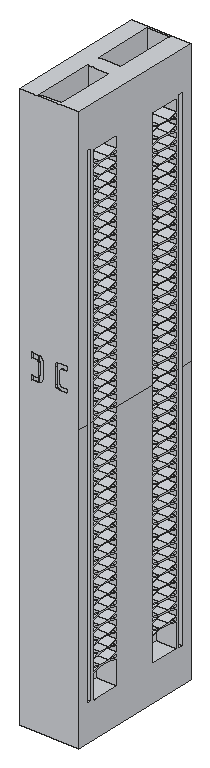
Revit family
Parameters
  Material ID = "760089409"
  Description = "Vertical Cable Management Kit, 10in X 96in (254mm X 2438mm) Double Sided, With Doors, Black\r\nical Cable Management Kit, 6in X 84in (152mm X 2134mm) Single Sided, With Door, Black\r\nVertical Cable Management Kit, 6in X 84in (152mm X 2134mm) Single Sided, With Door, Black\r\nVERTICAL CABLE MANAGEMENT KIT, 6IN X 84IN(152MM X 2134MM) SINGLE SIDED, WITH DOOR, BLACK"
Reference planes (in)
  plane 1 "Center (Front/Back)": y = 0
  plane 2: z = 0
  plane 3 "Center (Left/Right)": x = 0
Forms (in)
  Extrusion 1, void, not visible
    sketch origin (0, 0, 0) x (1, 0, 0) y (0, 0, 1)
      loop
        line (-7.85662, 0.48089) -> (-7.85662, -0.39002) -> (-7.67285, -0.39002) -> (-7.67285, -0.64002) -> (-7.0736, -0.64002) -> (-7.0736, -0.39002) -> (-6.92978, -0.39002) -> (-6.92978, 0.48089) -> (-7.85662, 0.48089)
    from -3.79215 to 12
  Extrusion 2, void, not visible
    sketch origin (0, 0, 0) x (1, 0, 0) y (0, 0, 1)
      loop
        line (-8.21397, 0.42583) -> (-8.21397, -0.07417) -> (-8.08657, -0.07417) -> (-8.08657, -0.27417) -> (-7.83657, -0.27417) -> (-7.83657, -0.07417) -> (-7.72497, -0.07417) -> (-7.72497, 0.42583) -> (-8.21397, 0.42583)
    from 0.74059 to 3.34334
  Extrusion 3, solid
    sketch origin (0, 0, 0) x (1, 0, 0) y (0, 0, 1)
      loop
        line (5, 48) -> (-5, 48) -> (-5, -48) -> (5, -48) -> (5, 0) -> (5, 48)
    from 11.281 to -12.189
  Extrusion 4, void
    sketch origin (0, 0, 0) x (1, 0, 0) y (0, 0, 1)
      loop
        line (-3, 9.00056) -> (-3, 8.06684) -> (-2.1, 8.06684)
        arc (-2.1, 8.06684) -> (-1.88787, 7.97898) -> (-1.8, 7.76684) r 0.3
        line (-1.8, 7.76684) -> (-1.8, 5.85056)
        arc (-1.8, 5.85056) -> (-1.88787, 5.63843) -> (-2.1, 5.55056) r 0.3
        line (-2.1, 5.55056) -> (-3, 5.55056) -> (-3, 4.75056) -> (-1.8, 4.75056)
        arc (-1.8, 4.75056) -> (-1.23431, 4.98488) -> (-1, 5.55056) r 0.8
        line (-1, 5.55056) -> (-1, 8.20056)
        arc (-1, 8.20056) -> (-1.23431, 8.76625) -> (-1.8, 9.00056) r 0.8
        line (-1.8, 9.00056) -> (-3, 9.00056)
      loop
        line (3, 9.00056) -> (1.8, 9.00056)
        arc (1.8, 9.00056) -> (1.23431, 8.76625) -> (1, 8.20056) r 0.8
        line (1, 8.20056) -> (1, 5.55056)
        arc (1, 5.55056) -> (1.23431, 4.98488) -> (1.8, 4.75056) r 0.8
        line (1.8, 4.75056) -> (3, 4.75056) -> (3, 5.55056) -> (2.1, 5.55056)
        arc (2.1, 5.55056) -> (1.88787, 5.63843) -> (1.8, 5.85056) r 0.3
        line (1.8, 5.85056) -> (1.8, 7.76684)
        arc (1.8, 7.76684) -> (1.88787, 7.97898) -> (2.1, 8.06684) r 0.3
        line (2.1, 8.06684) -> (3, 8.06684) -> (3, 9.00056)
    from 11.08569 to 11.281
  Extrusion 5, void
    sketch origin (0, 0, 0) x (1, 0, 0) y (0, 1, 0)
      loop
        line (1.70983, -0.6615) -> (-2.04017, -0.6615) -> (-2.04017, -10.9115) -> (1.70983, -10.9115) -> (1.70983, -0.6615)
      loop
        line (1.70983, 1.5695) -> (1.70983, 11.8195) -> (-2.04017, 11.8195) -> (-2.04017, 1.5695) -> (1.70983, 1.5695)
    from -58.88014 to 54.97812
  Extrusion 6, void
    sketch origin (0, 0, 0) x (0, 1, 0) y (0, 0, 1)
      loop
        line (-3.37841, 39.06909) -> (-3.37841, 41.06909) -> (-8.50915, 41.06909) -> (-8.50915, 39.06909) -> (-6.81878, 38.61615) -> (-5.06878, 38.61615) -> (-3.37841, 39.06909)
      loop
        line (-3.37841, 38.06909) -> (-5.06878, 38.52202) -> (-6.81878, 38.52202) -> (-8.50915, 38.06909) -> (-8.50915, 37.81909) -> (-8.50915, 37.06909) -> (-6.81878, 36.61615) -> (-5.06878, 36.61615) -> (-3.37841, 37.06909) -> (-3.37841, 37.81909) -> (-3.37841, 38.06909)
      loop
        line (-3.37841, 39.00985) -> (-4.9864, 38.57899) -> (-3.37841, 38.14813) -> (-3.37841, 39.00985)
      loop
        line (-8.50915, 39.00985) -> (-8.50915, 38.14813) -> (-6.90115, 38.57899) -> (-8.50915, 39.00985)
      loop
        line (-3.37841, 36.06909) -> (-5.06878, 36.52202) -> (-6.81878, 36.52202) -> (-8.50915, 36.06909) -> (-8.50915, 35.06909) -> (-6.81878, 34.61615) -> (-5.06878, 34.61615) -> (-3.37841, 35.06909) -> (-3.37841, 36.06909)
      loop
        line (-3.37841, 37.00985) -> (-4.9864, 36.57899) -> (-3.37841, 36.14813) -> (-3.37841, 37.00985)
      loop
        line (-8.50915, 37.00985) -> (-8.50915, 36.14813) -> (-6.90115, 36.57899) -> (-8.50915, 37.00985)
      loop
        line (-3.37841, 34.06909) -> (-5.06878, 34.52202) -> (-6.81878, 34.52202) -> (-8.50915, 34.06909) -> (-8.50915, 33.06909) -> (-6.81878, 32.61615) -> (-5.06878, 32.61615) -> (-3.37841, 33.06909) -> (-3.37841, 34.06909)
      loop
        line (-3.37841, 35.00985) -> (-4.9864, 34.57899) -> (-3.37841, 34.14813) -> (-3.37841, 35.00985)
      loop
        line (-8.50915, 35.00985) -> (-8.50915, 34.14813) -> (-6.90115, 34.57899) -> (-8.50915, 35.00985)
      loop
        line (-3.37841, 32.06909) -> (-5.06878, 32.52202) -> (-6.81878, 32.52202) -> (-8.50915, 32.06909) -> (-8.50915, 31.06909) -> (-6.81878, 30.61615) -> (-5.06878, 30.61615) -> (-3.37841, 31.06909) -> (-3.37841, 32.06909)
      loop
        line (-3.37841, 33.00985) -> (-4.9864, 32.57899) -> (-3.37841, 32.14813) -> (-3.37841, 33.00985)
      loop
        line (-8.50915, 33.00985) -> (-8.50915, 32.14813) -> (-6.90115, 32.57899) -> (-8.50915, 33.00985)
      loop
        line (-3.37841, 30.06909) -> (-5.06878, 30.52202) -> (-6.81878, 30.52202) -> (-8.50915, 30.06909) -> (-8.50915, 29.06909) -> (-6.81878, 28.61615) -> (-5.06878, 28.61615) -> (-3.37841, 29.06909) -> (-3.37841, 30.06909)
      loop
        line (-3.37841, 31.00985) -> (-4.9864, 30.57899) -> (-3.37841, 30.14813) -> (-3.37841, 31.00985)
      loop
        line (-8.50915, 31.00985) -> (-8.50915, 30.14813) -> (-6.90115, 30.57899) -> (-8.50915, 31.00985)
      loop
        line (-3.37841, 28.06909) -> (-5.06878, 28.52202) -> (-6.81878, 28.52202) -> (-8.50915, 28.06909) -> (-8.50915, 27.06909) -> (-6.81878, 26.61615) -> (-5.06878, 26.61615) -> (-3.37841, 27.06909) -> (-3.37841, 28.06909)
      loop
        line (-3.37841, 29.00985) -> (-4.9864, 28.57899) -> (-3.37841, 28.14813) -> (-3.37841, 29.00985)
      loop
        line (-8.50915, 29.00985) -> (-8.50915, 28.14813) -> (-6.90115, 28.57899) -> (-8.50915, 29.00985)
      loop
        line (-3.37841, 26.06909) -> (-5.06878, 26.52202) -> (-6.81878, 26.52202) -> (-8.50915, 26.06909) -> (-8.50915, 25.06909) -> (-6.81878, 24.61615) -> (-5.06878, 24.61615) -> (-3.37841, 25.06909) -> (-3.37841, 26.06909)
      loop
        line (-3.37841, 27.00985) -> (-4.9864, 26.57899) -> (-3.37841, 26.14813) -> (-3.37841, 27.00985)
      loop
        line (-8.50915, 27.00985) -> (-8.50915, 26.14813) -> (-6.90115, 26.57899) -> (-8.50915, 27.00985)
      loop
        line (-3.37841, 24.06909) -> (-5.06878, 24.52202) -> (-6.81878, 24.52202) -> (-8.50915, 24.06909) -> (-8.50915, 23.06909) -> (-6.81878, 22.61615) -> (-5.06878, 22.61615) -> (-3.37841, 23.06909) -> (-3.37841, 24.06909)
      loop
        line (-3.37841, 25.00985) -> (-4.9864, 24.57899) -> (-3.37841, 24.14813) -> (-3.37841, 25.00985)
      loop
        line (-8.50915, 25.00985) -> (-8.50915, 24.14813) -> (-6.90115, 24.57899) -> (-8.50915, 25.00985)
      loop
        line (-3.37841, 22.06909) -> (-5.06878, 22.52202) -> (-6.81878, 22.52202) -> (-8.50915, 22.06909) -> (-8.50915, 21.06909) -> (-6.81878, 20.61615) -> (-5.06878, 20.61615) -> (-3.37841, 21.06909) -> (-3.37841, 22.06909)
      loop
        line (-3.37841, 23.00985) -> (-4.9864, 22.57899) -> (-3.37841, 22.14813) -> (-3.37841, 23.00985)
      loop
        line (-8.50915, 23.00985) -> (-8.50915, 22.14813) -> (-6.90115, 22.57899) -> (-8.50915, 23.00985)
      loop
        line (-3.37841, 20.06909) -> (-5.06878, 20.52202) -> (-6.81878, 20.52202) -> (-8.50915, 20.06909) -> (-8.50915, 19.06909) -> (-6.81878, 18.61615) -> (-5.06878, 18.61615) -> (-3.37841, 19.06909) -> (-3.37841, 20.06909)
      loop
        line (-3.37841, 21.00985) -> (-4.9864, 20.57899) -> (-3.37841, 20.14813) -> (-3.37841, 21.00985)
      loop
        line (-8.50915, 21.00985) -> (-8.50915, 20.14813) -> (-6.90115, 20.57899) -> (-8.50915, 21.00985)
      loop
        line (-3.37841, 18.06909) -> (-5.06878, 18.52202) -> (-6.81878, 18.52202) -> (-8.50915, 18.06909) -> (-8.50915, 17.06909) -> (-6.81878, 16.61615) -> (-5.06878, 16.61615) -> (-3.37841, 17.06909) -> (-3.37841, 18.06909)
      loop
        line (-3.37841, 19.00985) -> (-4.9864, 18.57899) -> (-3.37841, 18.14813) -> (-3.37841, 19.00985)
      loop
        line (-8.50915, 19.00985) -> (-8.50915, 18.14813) -> (-6.90115, 18.57899) -> (-8.50915, 19.00985)
      loop
        line (-3.37841, 16.06909) -> (-5.06878, 16.52202) -> (-6.81878, 16.52202) -> (-8.50915, 16.06909) -> (-8.50915, 15.06909) -> (-6.81878, 14.61615) -> (-5.06878, 14.61615) -> (-3.37841, 15.06909) -> (-3.37841, 16.06909)
      loop
        line (-3.37841, 17.00985) -> (-4.9864, 16.57899) -> (-3.37841, 16.14813) -> (-3.37841, 17.00985)
      loop
        line (-8.50915, 17.00985) -> (-8.50915, 16.14813) -> (-6.90115, 16.57899) -> (-8.50915, 17.00985)
      loop
        line (-3.37841, 14.06909) -> (-5.06878, 14.52202) -> (-6.81878, 14.52202) -> (-8.50915, 14.06909) -> (-8.50915, 13.06909) -> (-6.81878, 12.61615) -> (-5.06878, 12.61615) -> (-3.37841, 13.06909) -> (-3.37841, 14.06909)
      loop
        line (-3.37841, 15.00985) -> (-4.9864, 14.57899) -> (-3.37841, 14.14813) -> (-3.37841, 15.00985)
      loop
        line (-8.50915, 15.00985) -> (-8.50915, 14.14813) -> (-6.90115, 14.57899) -> (-8.50915, 15.00985)
      loop
        line (-3.37841, 12.06909) -> (-5.06878, 12.52202) -> (-6.81878, 12.52202) -> (-8.50915, 12.06909) -> (-8.50915, 11.06909) -> (-6.81878, 10.61615) -> (-5.06878, 10.61615) -> (-3.37841, 11.06909) -> (-3.37841, 12.06909)
      loop
        line (-3.37841, 13.00985) -> (-4.9864, 12.57899) -> (-3.37841, 12.14813) -> (-3.37841, 13.00985)
      loop
        line (-8.50915, 13.00985) -> (-8.50915, 12.14813) -> (-6.90115, 12.57899) -> (-8.50915, 13.00985)
      loop
        line (-3.37841, 10.06909) -> (-5.06878, 10.52202) -> (-6.81878, 10.52202) -> (-8.50915, 10.06909) -> (-8.50915, 9.06909) -> (-6.81878, 8.61615) -> (-5.06878, 8.61615) -> (-3.37841, 9.06909) -> (-3.37841, 10.06909)
      loop
        line (-3.37841, 11.00985) -> (-4.9864, 10.57899) -> (-3.37841, 10.14813) -> (-3.37841, 11.00985)
      loop
        line (-8.50915, 11.00985) -> (-8.50915, 10.14813) -> (-6.90115, 10.57899) -> (-8.50915, 11.00985)
      loop
        line (-3.37841, 8.06909) -> (-5.06878, 8.52202) -> (-6.81878, 8.52202) -> (-8.50915, 8.06909) -> (-8.50915, 7.06909) -> (-6.81878, 6.61615) -> (-5.06878, 6.61615) -> (-3.37841, 7.06909) -> (-3.37841, 8.06909)
      loop
        line (-3.37841, 9.00985) -> (-4.9864, 8.57899) -> (-3.37841, 8.14813) -> (-3.37841, 9.00985)
      loop
        line (-8.50915, 9.00985) -> (-8.50915, 8.14813) -> (-6.90115, 8.57899) -> (-8.50915, 9.00985)
      loop
        line (-3.37841, 6.06909) -> (-5.06878, 6.52202) -> (-6.81878, 6.52202) -> (-8.50915, 6.06909) -> (-8.50915, 5.06909) -> (-6.81878, 4.61615) -> (-5.06878, 4.61615) -> (-3.37841, 5.06909) -> (-3.37841, 6.06909)
      loop
        line (-3.37841, 7.00985) -> (-4.9864, 6.57899) -> (-3.37841, 6.14813) -> (-3.37841, 7.00985)
      loop
        line (-8.50915, 7.00985) -> (-8.50915, 6.14813) -> (-6.90115, 6.57899) -> (-8.50915, 7.00985)
      loop
        line (-3.37841, 4.06909) -> (-5.06878, 4.52202) -> (-6.81878, 4.52202) -> (-8.50915, 4.06909) -> (-8.50915, 3.06909) -> (-6.81878, 2.61615) -> (-5.06878, 2.61615) -> (-3.37841, 3.06909) -> (-3.37841, 4.06909)
      loop
        line (-3.37841, 5.00985) -> (-4.9864, 4.57899) -> (-3.37841, 4.14813) -> (-3.37841, 5.00985)
      loop
        line (-8.50915, 5.00985) -> (-8.50915, 4.14813) -> (-6.90115, 4.57899) -> (-8.50915, 5.00985)
      loop
        line (-3.37841, 2.06909) -> (-5.06878, 2.52202) -> (-6.81878, 2.52202) -> (-8.50915, 2.06909) -> (-8.50915, 1.06909) -> (-6.81878, 0.61615) -> (-5.06878, 0.61615) -> (-3.37841, 1.06909) -> (-3.37841, 2.06909)
      loop
        line (-3.37841, 3.00985) -> (-4.9864, 2.57899) -> (-3.37841, 2.14813) -> (-3.37841, 3.00985)
      loop
        line (-8.50915, 3.00985) -> (-8.50915, 2.14813) -> (-6.90115, 2.57899) -> (-8.50915, 3.00985)
      loop
        line (-3.37841, 0.06909) -> (-5.06878, 0.52202) -> (-6.81878, 0.52202) -> (-8.50915, 0.06909) -> (-8.50915, -0.93091) -> (-6.81878, -1.38385) -> (-5.06878, -1.38385) -> (-3.37841, -0.93091) -> (-3.37841, 0.06909)
      loop
        line (-3.37841, 1.00985) -> (-4.9864, 0.57899) -> (-3.37841, 0.14813) -> (-3.37841, 1.00985)
      loop
        line (-8.50915, 1.00985) -> (-8.50915, 0.14813) -> (-6.90115, 0.57899) -> (-8.50915, 1.00985)
      loop
        line (-3.37841, -1.93091) -> (-5.06878, -1.47798) -> (-6.81878, -1.47798) -> (-8.50915, -1.93091) -> (-8.50915, -2.93091) -> (-6.81878, -3.38385) -> (-5.06878, -3.38385) -> (-3.37841, -2.93091) -> (-3.37841, -1.93091)
      loop
        line (-3.37841, -0.99015) -> (-4.9864, -1.42101) -> (-3.37841, -1.85187) -> (-3.37841, -0.99015)
      loop
        line (-8.50915, -0.99015) -> (-8.50915, -1.85187) -> (-6.90115, -1.42101) -> (-8.50915, -0.99015)
      loop
        line (-3.37841, -3.93091) -> (-5.06878, -3.47798) -> (-6.81878, -3.47798) -> (-8.50915, -3.93091) -> (-8.50915, -4.93091) -> (-6.81878, -5.38385) -> (-5.06878, -5.38385) -> (-3.37841, -4.93091) -> (-3.37841, -3.93091)
      loop
        line (-3.37841, -2.99015) -> (-4.9864, -3.42101) -> (-3.37841, -3.85187) -> (-3.37841, -2.99015)
      loop
        line (-8.50915, -2.99015) -> (-8.50915, -3.85187) -> (-6.90115, -3.42101) -> (-8.50915, -2.99015)
      loop
        line (-3.37841, -5.93091) -> (-5.06878, -5.47798) -> (-6.81878, -5.47798) -> (-8.50915, -5.93091) -> (-8.50915, -6.93091) -> (-6.81878, -7.38385) -> (-5.06878, -7.38385) -> (-3.37841, -6.93091) -> (-3.37841, -5.93091)
      loop
        line (-3.37841, -4.99015) -> (-4.9864, -5.42101) -> (-3.37841, -5.85187) -> (-3.37841, -4.99015)
      loop
        line (-8.50915, -4.99015) -> (-8.50915, -5.85187) -> (-6.90115, -5.42101) -> (-8.50915, -4.99015)
      loop
        line (-3.37841, -7.93091) -> (-5.06878, -7.47798) -> (-6.81878, -7.47798) -> (-8.50915, -7.93091) -> (-8.50915, -8.93091) -> (-6.81878, -9.38385) -> (-5.06878, -9.38385) -> (-3.37841, -8.93091) -> (-3.37841, -7.93091)
      loop
        line (-3.37841, -6.99015) -> (-4.9864, -7.42101) -> (-3.37841, -7.85187) -> (-3.37841, -6.99015)
      loop
        line (-8.50915, -6.99015) -> (-8.50915, -7.85187) -> (-6.90115, -7.42101) -> (-8.50915, -6.99015)
      loop
        line (-3.37841, -9.93091) -> (-5.06878, -9.47798) -> (-6.81878, -9.47798) -> (-8.50915, -9.93091) -> (-8.50915, -10.93091) -> (-6.81878, -11.38385) -> (-5.06878, -11.38385) -> (-3.37841, -10.93091) -> (-3.37841, -9.93091)
      loop
        line (-3.37841, -8.99015) -> (-4.9864, -9.42101) -> (-3.37841, -9.85187) -> (-3.37841, -8.99015)
      loop
        line (-8.50915, -8.99015) -> (-8.50915, -9.85187) -> (-6.90115, -9.42101) -> (-8.50915, -8.99015)
      loop
        line (-3.37841, -11.93091) -> (-5.06878, -11.47798) -> (-6.81878, -11.47798) -> (-8.50915, -11.93091) -> (-8.50915, -12.93091) -> (-6.81878, -13.38385) -> (-5.06878, -13.38385) -> (-3.37841, -12.93091) -> (-3.37841, -11.93091)
      loop
        line (-3.37841, -10.99015) -> (-4.9864, -11.42101) -> (-3.37841, -11.85187) -> (-3.37841, -10.99015)
      loop
        line (-8.50915, -10.99015) -> (-8.50915, -11.85187) -> (-6.90115, -11.42101) -> (-8.50915, -10.99015)
      loop
        line (-3.37841, -13.93091) -> (-5.06878, -13.47798) -> (-6.81878, -13.47798) -> (-8.50915, -13.93091) -> (-8.50915, -14.93091) -> (-6.81878, -15.38385) -> (-5.06878, -15.38385) -> (-3.37841, -14.93091) -> (-3.37841, -13.93091)
      loop
        line (-3.37841, -12.99015) -> (-4.9864, -13.42101) -> (-3.37841, -13.85187) -> (-3.37841, -12.99015)
      loop
        line (-8.50915, -12.99015) -> (-8.50915, -13.85187) -> (-6.90115, -13.42101) -> (-8.50915, -12.99015)
      loop
        line (-3.37841, -15.93091) -> (-5.06878, -15.47798) -> (-6.81878, -15.47798) -> (-8.50915, -15.93091) -> (-8.50915, -16.93091) -> (-6.81878, -17.38385) -> (-5.06878, -17.38385) -> (-3.37841, -16.93091) -> (-3.37841, -15.93091)
      loop
        line (-3.37841, -14.99015) -> (-4.9864, -15.42101) -> (-3.37841, -15.85187) -> (-3.37841, -14.99015)
      loop
        line (-8.50915, -14.99015) -> (-8.50915, -15.85187) -> (-6.90115, -15.42101) -> (-8.50915, -14.99015)
      loop
        line (-3.37841, -17.93091) -> (-5.06878, -17.47798) -> (-6.81878, -17.47798) -> (-8.50915, -17.93091) -> (-8.50915, -18.93091) -> (-6.81878, -19.38385) -> (-5.06878, -19.38385) -> (-3.37841, -18.93091) -> (-3.37841, -17.93091)
      loop
        line (-3.37841, -16.99015) -> (-4.9864, -17.42101) -> (-3.37841, -17.85187) -> (-3.37841, -16.99015)
      loop
        line (-8.50915, -16.99015) -> (-8.50915, -17.85187) -> (-6.90115, -17.42101) -> (-8.50915, -16.99015)
      loop
        line (-3.37841, -19.93091) -> (-5.06878, -19.47798) -> (-6.81878, -19.47798) -> (-8.50915, -19.93091) -> (-8.50915, -20.93091) -> (-6.81878, -21.38385) -> (-5.06878, -21.38385) -> (-3.37841, -20.93091) -> (-3.37841, -19.93091)
      loop
        line (-3.37841, -18.99015) -> (-4.9864, -19.42101) -> (-3.37841, -19.85187) -> (-3.37841, -18.99015)
      loop
        line (-8.50915, -18.99015) -> (-8.50915, -19.85187) -> (-6.90115, -19.42101) -> (-8.50915, -18.99015)
      loop
        line (-3.37841, -21.93091) -> (-5.06878, -21.47798) -> (-6.81878, -21.47798) -> (-8.50915, -21.93091) -> (-8.50915, -22.93091) -> (-6.81878, -23.38385) -> (-5.06878, -23.38385) -> (-3.37841, -22.93091) -> (-3.37841, -21.93091)
      loop
        line (-3.37841, -20.99015) -> (-4.9864, -21.42101) -> (-3.37841, -21.85187) -> (-3.37841, -20.99015)
      loop
        line (-8.50915, -20.99015) -> (-8.50915, -21.85187) -> (-6.90115, -21.42101) -> (-8.50915, -20.99015)
      loop
        line (-3.37841, -23.93091) -> (-5.06878, -23.47798) -> (-6.81878, -23.47798) -> (-8.50915, -23.93091) -> (-8.50915, -24.93091) -> (-6.81878, -25.38385) -> (-5.06878, -25.38385) -> (-3.37841, -24.93091) -> (-3.37841, -23.93091)
      loop
        line (-3.37841, -22.99015) -> (-4.9864, -23.42101) -> (-3.37841, -23.85187) -> (-3.37841, -22.99015)
      loop
        line (-8.50915, -22.99015) -> (-8.50915, -23.85187) -> (-6.90115, -23.42101) -> (-8.50915, -22.99015)
      loop
        line (-3.37841, -25.93091) -> (-5.06878, -25.47798) -> (-6.81878, -25.47798) -> (-8.50915, -25.93091) -> (-8.50915, -26.93091) -> (-6.81878, -27.38385) -> (-5.06878, -27.38385) -> (-3.37841, -26.93091) -> (-3.37841, -25.93091)
      loop
        line (-3.37841, -24.99015) -> (-4.9864, -25.42101) -> (-3.37841, -25.85187) -> (-3.37841, -24.99015)
      loop
        line (-8.50915, -24.99015) -> (-8.50915, -25.85187) -> (-6.90115, -25.42101) -> (-8.50915, -24.99015)
      loop
        line (-3.37841, -27.93091) -> (-5.06878, -27.47798) -> (-6.81878, -27.47798) -> (-8.50915, -27.93091) -> (-8.50915, -28.93091) -> (-6.81878, -29.38385) -> (-5.06878, -29.38385) -> (-3.37841, -28.93091) -> (-3.37841, -27.93091)
      loop
        line (-3.37841, -26.99015) -> (-4.9864, -27.42101) -> (-3.37841, -27.85187) -> (-3.37841, -26.99015)
      loop
        line (-8.50915, -26.99015) -> (-8.50915, -27.85187) -> (-6.90115, -27.42101) -> (-8.50915, -26.99015)
      loop
        line (-3.37841, -29.93091) -> (-5.06878, -29.47798) -> (-6.81878, -29.47798) -> (-8.50915, -29.93091) -> (-8.50915, -30.93091) -> (-6.81878, -31.38385) -> (-5.06878, -31.38385) -> (-3.37841, -30.93091) -> (-3.37841, -29.93091)
      loop
        line (-3.37841, -28.99015) -> (-4.9864, -29.42101) -> (-3.37841, -29.85187) -> (-3.37841, -28.99015)
      loop
        line (-8.50915, -28.99015) -> (-8.50915, -29.85187) -> (-6.90115, -29.42101) -> (-8.50915, -28.99015)
      loop
        line (-3.37841, -31.93091) -> (-5.06878, -31.47798) -> (-6.81878, -31.47798) -> (-8.50915, -31.93091) -> (-8.50915, -32.93091) -> (-6.81878, -33.38385) -> (-5.06878, -33.38385) -> (-3.37841, -32.93091) -> (-3.37841, -31.93091)
      loop
        line (-3.37841, -30.99015) -> (-4.9864, -31.42101) -> (-3.37841, -31.85187) -> (-3.37841, -30.99015)
      loop
        line (-8.50915, -30.99015) -> (-8.50915, -31.85187) -> (-6.90115, -31.42101) -> (-8.50915, -30.99015)
      loop
        line (-3.37841, -33.93091) -> (-5.06878, -33.47798) -> (-6.81878, -33.47798) -> (-8.50915, -33.93091) -> (-8.50915, -34.93091) -> (-6.81878, -35.38385) -> (-5.06878, -35.38385) -> (-3.37841, -34.93091) -> (-3.37841, -33.93091)
      loop
        line (-3.37841, -32.99015) -> (-4.9864, -33.42101) -> (-3.37841, -33.85187) -> (-3.37841, -32.99015)
      loop
        line (-8.50915, -32.99015) -> (-8.50915, -33.85187) -> (-6.90115, -33.42101) -> (-8.50915, -32.99015)
      loop
        line (-3.37841, -35.93091) -> (-5.06878, -35.47798) -> (-6.81878, -35.47798) -> (-8.50915, -35.93091) -> (-8.50915, -36.93091) -> (-6.81878, -37.38385) -> (-5.06878, -37.38385) -> (-3.37841, -36.93091) -> (-3.37841, -35.93091)
      loop
        line (-3.37841, -34.99015) -> (-4.9864, -35.42101) -> (-3.37841, -35.85187) -> (-3.37841, -34.99015)
      loop
        line (-8.50915, -34.99015) -> (-8.50915, -35.85187) -> (-6.90115, -35.42101) -> (-8.50915, -34.99015)
      loop
        line (-3.37841, -37.93091) -> (-5.06878, -37.47798) -> (-6.81878, -37.47798) -> (-8.50915, -37.93091) -> (-8.50915, -42) -> (-3.37841, -42) -> (-3.37841, -37.93091)
      loop
        line (-3.37841, -36.99015) -> (-4.9864, -37.42101) -> (-3.37841, -37.85187) -> (-3.37841, -36.99015)
      loop
        line (-8.50915, -36.99015) -> (-8.50915, -37.85187) -> (-6.90115, -37.42101) -> (-8.50915, -36.99015)
      loop
        line (4.05541, 39.06909) -> (5.74578, 38.61615) -> (7.49578, 38.61615) -> (9.18615, 39.06909) -> (9.18615, 41.06909) -> (4.05541, 41.06909) -> (4.05541, 39.06909)
      loop
        line (4.05541, 38.06909) -> (4.05541, 37.81909) -> (4.05541, 37.06909) -> (5.74578, 36.61615) -> (7.49578, 36.61615) -> (9.18615, 37.06909) -> (9.18615, 37.81909) -> (9.18615, 38.06909) -> (7.49578, 38.52202) -> (5.74578, 38.52202) -> (4.05541, 38.06909)
      loop
        line (4.05541, 39.00985) -> (4.05541, 38.14813) -> (5.6634, 38.57899) -> (4.05541, 39.00985)
      loop
        line (9.18615, 39.00985) -> (7.57815, 38.57899) -> (9.18615, 38.14813) -> (9.18615, 39.00985)
      loop
        line (4.05541, 36.06909) -> (4.05541, 35.06909) -> (5.74578, 34.61615) -> (7.49578, 34.61615) -> (9.18615, 35.06909) -> (9.18615, 36.06909) -> (7.49578, 36.52202) -> (5.74578, 36.52202) -> (4.05541, 36.06909)
      loop
        line (4.05541, 37.00985) -> (4.05541, 36.14813) -> (5.6634, 36.57899) -> (4.05541, 37.00985)
      loop
        line (9.18615, 37.00985) -> (7.57815, 36.57899) -> (9.18615, 36.14813) -> (9.18615, 37.00985)
      loop
        line (4.05541, 34.06909) -> (4.05541, 33.06909) -> (5.74578, 32.61615) -> (7.49578, 32.61615) -> (9.18615, 33.06909) -> (9.18615, 34.06909) -> (7.49578, 34.52202) -> (5.74578, 34.52202) -> (4.05541, 34.06909)
      loop
        line (4.05541, 35.00985) -> (4.05541, 34.14813) -> (5.6634, 34.57899) -> (4.05541, 35.00985)
      loop
        line (9.18615, 35.00985) -> (7.57815, 34.57899) -> (9.18615, 34.14813) -> (9.18615, 35.00985)
      loop
        line (4.05541, 32.06909) -> (4.05541, 31.06909) -> (5.74578, 30.61615) -> (7.49578, 30.61615) -> (9.18615, 31.06909) -> (9.18615, 32.06909) -> (7.49578, 32.52202) -> (5.74578, 32.52202) -> (4.05541, 32.06909)
      loop
        line (4.05541, 33.00985) -> (4.05541, 32.14813) -> (5.6634, 32.57899) -> (4.05541, 33.00985)
      loop
        line (9.18615, 33.00985) -> (7.57815, 32.57899) -> (9.18615, 32.14813) -> (9.18615, 33.00985)
      loop
        line (4.05541, 30.06909) -> (4.05541, 29.06909) -> (5.74578, 28.61615) -> (7.49578, 28.61615) -> (9.18615, 29.06909) -> (9.18615, 30.06909) -> (7.49578, 30.52202) -> (5.74578, 30.52202) -> (4.05541, 30.06909)
      loop
        line (4.05541, 31.00985) -> (4.05541, 30.14813) -> (5.6634, 30.57899) -> (4.05541, 31.00985)
      loop
        line (9.18615, 31.00985) -> (7.57815, 30.57899) -> (9.18615, 30.14813) -> (9.18615, 31.00985)
      loop
        line (4.05541, 28.06909) -> (4.05541, 27.06909) -> (5.74578, 26.61615) -> (7.49578, 26.61615) -> (9.18615, 27.06909) -> (9.18615, 28.06909) -> (7.49578, 28.52202) -> (5.74578, 28.52202) -> (4.05541, 28.06909)
      loop
        line (4.05541, 29.00985) -> (4.05541, 28.14813) -> (5.6634, 28.57899) -> (4.05541, 29.00985)
      loop
        line (9.18615, 29.00985) -> (7.57815, 28.57899) -> (9.18615, 28.14813) -> (9.18615, 29.00985)
      loop
        line (4.05541, 26.06909) -> (4.05541, 25.06909) -> (5.74578, 24.61615) -> (7.49578, 24.61615) -> (9.18615, 25.06909) -> (9.18615, 26.06909) -> (7.49578, 26.52202) -> (5.74578, 26.52202) -> (4.05541, 26.06909)
      loop
        line (4.05541, 27.00985) -> (4.05541, 26.14813) -> (5.6634, 26.57899) -> (4.05541, 27.00985)
      loop
        line (9.18615, 27.00985) -> (7.57815, 26.57899) -> (9.18615, 26.14813) -> (9.18615, 27.00985)
      loop
        line (4.05541, 24.06909) -> (4.05541, 23.06909) -> (5.74578, 22.61615) -> (7.49578, 22.61615) -> (9.18615, 23.06909) -> (9.18615, 24.06909) -> (7.49578, 24.52202) -> (5.74578, 24.52202) -> (4.05541, 24.06909)
      loop
        line (4.05541, 25.00985) -> (4.05541, 24.14813) -> (5.6634, 24.57899) -> (4.05541, 25.00985)
      loop
        line (9.18615, 25.00985) -> (7.57815, 24.57899) -> (9.18615, 24.14813) -> (9.18615, 25.00985)
      loop
        line (4.05541, 22.06909) -> (4.05541, 21.06909) -> (5.74578, 20.61615) -> (7.49578, 20.61615) -> (9.18615, 21.06909) -> (9.18615, 22.06909) -> (7.49578, 22.52202) -> (5.74578, 22.52202) -> (4.05541, 22.06909)
      loop
        line (4.05541, 23.00985) -> (4.05541, 22.14813) -> (5.6634, 22.57899) -> (4.05541, 23.00985)
      loop
        line (9.18615, 23.00985) -> (7.57815, 22.57899) -> (9.18615, 22.14813) -> (9.18615, 23.00985)
      loop
        line (4.05541, 20.06909) -> (4.05541, 19.06909) -> (5.74578, 18.61615) -> (7.49578, 18.61615) -> (9.18615, 19.06909) -> (9.18615, 20.06909) -> (7.49578, 20.52202) -> (5.74578, 20.52202) -> (4.05541, 20.06909)
      loop
        line (4.05541, 21.00985) -> (4.05541, 20.14813) -> (5.6634, 20.57899) -> (4.05541, 21.00985)
      loop
        line (9.18615, 21.00985) -> (7.57815, 20.57899) -> (9.18615, 20.14813) -> (9.18615, 21.00985)
      loop
        line (4.05541, 18.06909) -> (4.05541, 17.06909) -> (5.74578, 16.61615) -> (7.49578, 16.61615) -> (9.18615, 17.06909) -> (9.18615, 18.06909) -> (7.49578, 18.52202) -> (5.74578, 18.52202) -> (4.05541, 18.06909)
      loop
        line (4.05541, 19.00985) -> (4.05541, 18.14813) -> (5.6634, 18.57899) -> (4.05541, 19.00985)
      loop
        line (9.18615, 19.00985) -> (7.57815, 18.57899) -> (9.18615, 18.14813) -> (9.18615, 19.00985)
      loop
        line (4.05541, 16.06909) -> (4.05541, 15.06909) -> (5.74578, 14.61615) -> (7.49578, 14.61615) -> (9.18615, 15.06909) -> (9.18615, 16.06909) -> (7.49578, 16.52202) -> (5.74578, 16.52202) -> (4.05541, 16.06909)
      loop
        line (4.05541, 17.00985) -> (4.05541, 16.14813) -> (5.6634, 16.57899) -> (4.05541, 17.00985)
      loop
        line (9.18615, 17.00985) -> (7.57815, 16.57899) -> (9.18615, 16.14813) -> (9.18615, 17.00985)
      loop
        line (4.05541, 14.06909) -> (4.05541, 13.06909) -> (5.74578, 12.61615) -> (7.49578, 12.61615) -> (9.18615, 13.06909) -> (9.18615, 14.06909) -> (7.49578, 14.52202) -> (5.74578, 14.52202) -> (4.05541, 14.06909)
      loop
        line (4.05541, 15.00985) -> (4.05541, 14.14813) -> (5.6634, 14.57899) -> (4.05541, 15.00985)
      loop
        line (9.18615, 15.00985) -> (7.57815, 14.57899) -> (9.18615, 14.14813) -> (9.18615, 15.00985)
      loop
        line (4.05541, 12.06909) -> (4.05541, 11.06909) -> (5.74578, 10.61615) -> (7.49578, 10.61615) -> (9.18615, 11.06909) -> (9.18615, 12.06909) -> (7.49578, 12.52202) -> (5.74578, 12.52202) -> (4.05541, 12.06909)
      loop
        line (4.05541, 13.00985) -> (4.05541, 12.14813) -> (5.6634, 12.57899) -> (4.05541, 13.00985)
      loop
        line (9.18615, 13.00985) -> (7.57815, 12.57899) -> (9.18615, 12.14813) -> (9.18615, 13.00985)
      loop
        line (4.05541, 10.06909) -> (4.05541, 9.06909) -> (5.74578, 8.61615) -> (7.49578, 8.61615) -> (9.18615, 9.06909) -> (9.18615, 10.06909) -> (7.49578, 10.52202) -> (5.74578, 10.52202) -> (4.05541, 10.06909)
      loop
        line (4.05541, 11.00985) -> (4.05541, 10.14813) -> (5.6634, 10.57899) -> (4.05541, 11.00985)
      loop
        line (9.18615, 11.00985) -> (7.57815, 10.57899) -> (9.18615, 10.14813) -> (9.18615, 11.00985)
      loop
        line (4.05541, 8.06909) -> (4.05541, 7.06909) -> (5.74578, 6.61615) -> (7.49578, 6.61615) -> (9.18615, 7.06909) -> (9.18615, 8.06909) -> (7.49578, 8.52202) -> (5.74578, 8.52202) -> (4.05541, 8.06909)
      loop
        line (4.05541, 9.00985) -> (4.05541, 8.14813) -> (5.6634, 8.57899) -> (4.05541, 9.00985)
      loop
        line (9.18615, 9.00985) -> (7.57815, 8.57899) -> (9.18615, 8.14813) -> (9.18615, 9.00985)
      loop
        line (4.05541, 6.06909) -> (4.05541, 5.06909) -> (5.74578, 4.61615) -> (7.49578, 4.61615) -> (9.18615, 5.06909) -> (9.18615, 6.06909) -> (7.49578, 6.52202) -> (5.74578, 6.52202) -> (4.05541, 6.06909)
      loop
        line (4.05541, 7.00985) -> (4.05541, 6.14813) -> (5.6634, 6.57899) -> (4.05541, 7.00985)
      loop
        line (9.18615, 7.00985) -> (7.57815, 6.57899) -> (9.18615, 6.14813) -> (9.18615, 7.00985)
      loop
        line (4.05541, 4.06909) -> (4.05541, 3.06909) -> (5.74578, 2.61615) -> (7.49578, 2.61615) -> (9.18615, 3.06909) -> (9.18615, 4.06909) -> (7.49578, 4.52202) -> (5.74578, 4.52202) -> (4.05541, 4.06909)
      loop
        line (4.05541, 5.00985) -> (4.05541, 4.14813) -> (5.6634, 4.57899) -> (4.05541, 5.00985)
      loop
        line (9.18615, 5.00985) -> (7.57815, 4.57899) -> (9.18615, 4.14813) -> (9.18615, 5.00985)
      loop
        line (4.05541, 2.06909) -> (4.05541, 1.06909) -> (5.74578, 0.61615) -> (7.49578, 0.61615) -> (9.18615, 1.06909) -> (9.18615, 2.06909) -> (7.49578, 2.52202) -> (5.74578, 2.52202) -> (4.05541, 2.06909)
      loop
        line (4.05541, 3.00985) -> (4.05541, 2.14813) -> (5.6634, 2.57899) -> (4.05541, 3.00985)
      loop
        line (9.18615, 3.00985) -> (7.57815, 2.57899) -> (9.18615, 2.14813) -> (9.18615, 3.00985)
      loop
        line (4.05541, 0.06909) -> (4.05541, -0.93091) -> (5.74578, -1.38385) -> (7.49578, -1.38385) -> (9.18615, -0.93091) -> (9.18615, 0.06909) -> (7.49578, 0.52202) -> (5.74578, 0.52202) -> (4.05541, 0.06909)
      loop
        line (4.05541, 1.00985) -> (4.05541, 0.14813) -> (5.6634, 0.57899) -> (4.05541, 1.00985)
      loop
        line (9.18615, 1.00985) -> (7.57815, 0.57899) -> (9.18615, 0.14813) -> (9.18615, 1.00985)
      loop
        line (4.05541, -1.93091) -> (4.05541, -2.93091) -> (5.74578, -3.38385) -> (7.49578, -3.38385) -> (9.18615, -2.93091) -> (9.18615, -1.93091) -> (7.49578, -1.47798) -> (5.74578, -1.47798) -> (4.05541, -1.93091)
      loop
        line (4.05541, -0.99015) -> (4.05541, -1.85187) -> (5.6634, -1.42101) -> (4.05541, -0.99015)
      loop
        line (9.18615, -0.99015) -> (7.57815, -1.42101) -> (9.18615, -1.85187) -> (9.18615, -0.99015)
      loop
        line (4.05541, -3.93091) -> (4.05541, -4.93091) -> (5.74578, -5.38385) -> (7.49578, -5.38385) -> (9.18615, -4.93091) -> (9.18615, -3.93091) -> (7.49578, -3.47798) -> (5.74578, -3.47798) -> (4.05541, -3.93091)
      loop
        line (4.05541, -2.99015) -> (4.05541, -3.85187) -> (5.6634, -3.42101) -> (4.05541, -2.99015)
      loop
        line (9.18615, -2.99015) -> (7.57815, -3.42101) -> (9.18615, -3.85187) -> (9.18615, -2.99015)
      loop
        line (4.05541, -5.93091) -> (4.05541, -6.93091) -> (5.74578, -7.38385) -> (7.49578, -7.38385) -> (9.18615, -6.93091) -> (9.18615, -5.93091) -> (7.49578, -5.47798) -> (5.74578, -5.47798) -> (4.05541, -5.93091)
      loop
        line (4.05541, -4.99015) -> (4.05541, -5.85187) -> (5.6634, -5.42101) -> (4.05541, -4.99015)
      loop
        line (9.18615, -4.99015) -> (7.57815, -5.42101) -> (9.18615, -5.85187) -> (9.18615, -4.99015)
      loop
        line (4.05541, -7.93091) -> (4.05541, -8.93091) -> (5.74578, -9.38385) -> (7.49578, -9.38385) -> (9.18615, -8.93091) -> (9.18615, -7.93091) -> (7.49578, -7.47798) -> (5.74578, -7.47798) -> (4.05541, -7.93091)
      loop
        line (4.05541, -6.99015) -> (4.05541, -7.85187) -> (5.6634, -7.42101) -> (4.05541, -6.99015)
      loop
        line (9.18615, -6.99015) -> (7.57815, -7.42101) -> (9.18615, -7.85187) -> (9.18615, -6.99015)
      loop
        line (4.05541, -9.93091) -> (4.05541, -10.93091) -> (5.74578, -11.38385) -> (7.49578, -11.38385) -> (9.18615, -10.93091) -> (9.18615, -9.93091) -> (7.49578, -9.47798) -> (5.74578, -9.47798) -> (4.05541, -9.93091)
      loop
        line (4.05541, -8.99015) -> (4.05541, -9.85187) -> (5.6634, -9.42101) -> (4.05541, -8.99015)
      loop
        line (9.18615, -8.99015) -> (7.57815, -9.42101) -> (9.18615, -9.85187) -> (9.18615, -8.99015)
      loop
        line (4.05541, -11.93091) -> (4.05541, -12.93091) -> (5.74578, -13.38385) -> (7.49578, -13.38385) -> (9.18615, -12.93091) -> (9.18615, -11.93091) -> (7.49578, -11.47798) -> (5.74578, -11.47798) -> (4.05541, -11.93091)
      loop
        line (4.05541, -10.99015) -> (4.05541, -11.85187) -> (5.6634, -11.42101) -> (4.05541, -10.99015)
      loop
        line (9.18615, -10.99015) -> (7.57815, -11.42101) -> (9.18615, -11.85187) -> (9.18615, -10.99015)
      loop
        line (4.05541, -13.93091) -> (4.05541, -14.93091) -> (5.74578, -15.38385) -> (7.49578, -15.38385) -> (9.18615, -14.93091) -> (9.18615, -13.93091) -> (7.49578, -13.47798) -> (5.74578, -13.47798) -> (4.05541, -13.93091)
      loop
        line (4.05541, -12.99015) -> (4.05541, -13.85187) -> (5.6634, -13.42101) -> (4.05541, -12.99015)
      loop
        line (9.18615, -12.99015) -> (7.57815, -13.42101) -> (9.18615, -13.85187) -> (9.18615, -12.99015)
      loop
        line (4.05541, -15.93091) -> (4.05541, -16.93091) -> (5.74578, -17.38385) -> (7.49578, -17.38385) -> (9.18615, -16.93091) -> (9.18615, -15.93091) -> (7.49578, -15.47798) -> (5.74578, -15.47798) -> (4.05541, -15.93091)
      loop
        line (4.05541, -14.99015) -> (4.05541, -15.85187) -> (5.6634, -15.42101) -> (4.05541, -14.99015)
      loop
        line (9.18615, -14.99015) -> (7.57815, -15.42101) -> (9.18615, -15.85187) -> (9.18615, -14.99015)
      loop
        line (4.05541, -17.93091) -> (4.05541, -18.93091) -> (5.74578, -19.38385) -> (7.49578, -19.38385) -> (9.18615, -18.93091) -> (9.18615, -17.93091) -> (7.49578, -17.47798) -> (5.74578, -17.47798) -> (4.05541, -17.93091)
      loop
        line (4.05541, -16.99015) -> (4.05541, -17.85187) -> (5.6634, -17.42101) -> (4.05541, -16.99015)
      loop
        line (9.18615, -16.99015) -> (7.57815, -17.42101) -> (9.18615, -17.85187) -> (9.18615, -16.99015)
      loop
        line (4.05541, -19.93091) -> (4.05541, -20.93091) -> (5.74578, -21.38385) -> (7.49578, -21.38385) -> (9.18615, -20.93091) -> (9.18615, -19.93091) -> (7.49578, -19.47798) -> (5.74578, -19.47798) -> (4.05541, -19.93091)
      loop
        line (4.05541, -18.99015) -> (4.05541, -19.85187) -> (5.6634, -19.42101) -> (4.05541, -18.99015)
      loop
        line (9.18615, -18.99015) -> (7.57815, -19.42101) -> (9.18615, -19.85187) -> (9.18615, -18.99015)
      loop
        line (4.05541, -21.93091) -> (4.05541, -22.93091) -> (5.74578, -23.38385) -> (7.49578, -23.38385) -> (9.18615, -22.93091) -> (9.18615, -21.93091) -> (7.49578, -21.47798) -> (5.74578, -21.47798) -> (4.05541, -21.93091)
      loop
        line (4.05541, -20.99015) -> (4.05541, -21.85187) -> (5.6634, -21.42101) -> (4.05541, -20.99015)
      loop
        line (9.18615, -20.99015) -> (7.57815, -21.42101) -> (9.18615, -21.85187) -> (9.18615, -20.99015)
      loop
        line (4.05541, -23.93091) -> (4.05541, -24.93091) -> (5.74578, -25.38385) -> (7.49578, -25.38385) -> (9.18615, -24.93091) -> (9.18615, -23.93091) -> (7.49578, -23.47798) -> (5.74578, -23.47798) -> (4.05541, -23.93091)
      loop
        line (4.05541, -22.99015) -> (4.05541, -23.85187) -> (5.6634, -23.42101) -> (4.05541, -22.99015)
      loop
        line (9.18615, -22.99015) -> (7.57815, -23.42101) -> (9.18615, -23.85187) -> (9.18615, -22.99015)
      loop
        line (4.05541, -25.93091) -> (4.05541, -26.93091) -> (5.74578, -27.38385) -> (7.49578, -27.38385) -> (9.18615, -26.93091) -> (9.18615, -25.93091) -> (7.49578, -25.47798) -> (5.74578, -25.47798) -> (4.05541, -25.93091)
      loop
        line (4.05541, -24.99015) -> (4.05541, -25.85187) -> (5.6634, -25.42101) -> (4.05541, -24.99015)
      loop
        line (9.18615, -24.99015) -> (7.57815, -25.42101) -> (9.18615, -25.85187) -> (9.18615, -24.99015)
      loop
        line (4.05541, -27.93091) -> (4.05541, -28.93091) -> (5.74578, -29.38385) -> (7.49578, -29.38385) -> (9.18615, -28.93091) -> (9.18615, -27.93091) -> (7.49578, -27.47798) -> (5.74578, -27.47798) -> (4.05541, -27.93091)
      loop
        line (4.05541, -26.99015) -> (4.05541, -27.85187) -> (5.6634, -27.42101) -> (4.05541, -26.99015)
      loop
        line (9.18615, -26.99015) -> (7.57815, -27.42101) -> (9.18615, -27.85187) -> (9.18615, -26.99015)
      loop
        line (4.05541, -29.93091) -> (4.05541, -30.93091) -> (5.74578, -31.38385) -> (7.49578, -31.38385) -> (9.18615, -30.93091) -> (9.18615, -29.93091) -> (7.49578, -29.47798) -> (5.74578, -29.47798) -> (4.05541, -29.93091)
      loop
        line (4.05541, -28.99015) -> (4.05541, -29.85187) -> (5.6634, -29.42101) -> (4.05541, -28.99015)
      loop
        line (9.18615, -28.99015) -> (7.57815, -29.42101) -> (9.18615, -29.85187) -> (9.18615, -28.99015)
      loop
        line (4.05541, -31.93091) -> (4.05541, -32.93091) -> (5.74578, -33.38385) -> (7.49578, -33.38385) -> (9.18615, -32.93091) -> (9.18615, -31.93091) -> (7.49578, -31.47798) -> (5.74578, -31.47798) -> (4.05541, -31.93091)
      loop
        line (4.05541, -30.99015) -> (4.05541, -31.85187) -> (5.6634, -31.42101) -> (4.05541, -30.99015)
      loop
        line (9.18615, -30.99015) -> (7.57815, -31.42101) -> (9.18615, -31.85187) -> (9.18615, -30.99015)
      loop
        line (4.05541, -33.93091) -> (4.05541, -34.93091) -> (5.74578, -35.38385) -> (7.49578, -35.38385) -> (9.18615, -34.93091) -> (9.18615, -33.93091) -> (7.49578, -33.47798) -> (5.74578, -33.47798) -> (4.05541, -33.93091)
      loop
        line (4.05541, -32.99015) -> (4.05541, -33.85187) -> (5.6634, -33.42101) -> (4.05541, -32.99015)
      loop
        line (9.18615, -32.99015) -> (7.57815, -33.42101) -> (9.18615, -33.85187) -> (9.18615, -32.99015)
      loop
        line (4.05541, -35.93091) -> (4.05541, -36.93091) -> (5.74578, -37.38385) -> (7.49578, -37.38385) -> (9.18615, -36.93091) -> (9.18615, -35.93091) -> (7.49578, -35.47798) -> (5.74578, -35.47798) -> (4.05541, -35.93091)
      loop
        line (4.05541, -34.99015) -> (4.05541, -35.85187) -> (5.6634, -35.42101) -> (4.05541, -34.99015)
      loop
        line (9.18615, -34.99015) -> (7.57815, -35.42101) -> (9.18615, -35.85187) -> (9.18615, -34.99015)
      loop
        line (4.05541, -37.93091) -> (4.05541, -42) -> (9.18615, -42) -> (9.18615, -37.93091) -> (7.49578, -37.47798) -> (5.74578, -37.47798) -> (4.05541, -37.93091)
      loop
        line (4.05541, -36.99015) -> (4.05541, -37.85187) -> (5.6634, -37.42101) -> (4.05541, -36.99015)
      loop
        line (9.18615, -36.99015) -> (7.57815, -37.42101) -> (9.18615, -37.85187) -> (9.18615, -36.99015)
    from -16.16264 to 12
  Extrusion 7, void
    sketch origin (0, 0, 0) x (0, 1, 0) y (0, 0, 1)
      loop
        line (-9.74802, 41.47806) -> (-9.74802, -42) -> (-8.75915, -42) -> (-8.75915, 41.47806) -> (-9.74802, 41.47806)
      loop
        line (10.42502, 41.47806) -> (9.43615, 41.47806) -> (9.43615, -42) -> (10.42502, -42) -> (10.42502, 41.47806)
    from -16.48531 to 12
  Extrusion 8, void
    sketch origin (0, 0, 0) x (1, 0, 0) y (0, 0, 1)
      loop
        line (1.49935, 28.88043) -> (-1.75065, 28.88043) -> (-1.75065, 16.13043) -> (1.49935, 16.13043) -> (1.49935, 28.88043)
      loop
        line (1.49935, -28.88043) -> (1.49935, -16.13043) -> (-1.75065, -16.13043) -> (-1.75065, -28.88043) -> (1.49935, -28.88043)
    from -9.86946 to 1.00595
  Extrusion 9, void
    sketch origin (0, 0, 0) x (1, 0, 0) y (0, 0, 1)
      loop
        line (3.34991, 7.4906) -> (3.34991, 8.61615) -> (2.34991, 8.61615)
        arc (2.34991, 8.61615) -> (1.81958, 8.39648) -> (1.59991, 7.86615) r 0.75
        line (1.59991, 7.86615) -> (1.59991, 4.61615)
        arc (1.59991, 4.61615) -> (1.81958, 4.08582) -> (2.34991, 3.86615) r 0.75
        line (2.34991, 3.86615) -> (3.34991, 3.86615) -> (3.34991, 5.00985) -> (2.84991, 5.00985)
        arc (2.84991, 5.00985) -> (2.49635, 5.1563) -> (2.34991, 5.50985) r 0.5
        line (2.34991, 5.50985) -> (2.34991, 6.9906)
        arc (2.34991, 6.9906) -> (2.49635, 7.34415) -> (2.84991, 7.4906) r 0.5
        line (2.84991, 7.4906) -> (3.34991, 7.4906)
      loop
        line (-3.34991, 7.4906) -> (-2.84991, 7.4906)
        arc (-2.84991, 7.4906) -> (-2.49635, 7.34415) -> (-2.34991, 6.9906) r 0.5
        line (-2.34991, 6.9906) -> (-2.34991, 5.50985)
        arc (-2.34991, 5.50985) -> (-2.49635, 5.1563) -> (-2.84991, 5.00985) r 0.5
        line (-2.84991, 5.00985) -> (-3.34991, 5.00985) -> (-3.34991, 3.86615) -> (-2.34991, 3.86615)
        arc (-2.34991, 3.86615) -> (-1.81958, 4.08582) -> (-1.59991, 4.61615) r 0.75
        line (-1.59991, 4.61615) -> (-1.59991, 7.86615)
        arc (-1.59991, 7.86615) -> (-1.81958, 8.39648) -> (-2.34991, 8.61615) r 0.75
        line (-2.34991, 8.61615) -> (-3.34991, 8.61615) -> (-3.34991, 7.4906)
    from -14.9326 to -12.01064
Cuts and joins
  Extrusion 4, Extrusion 5, Extrusion 6, Extrusion 7, Extrusion 8, Extrusion 9 cuts Extrusion 3
